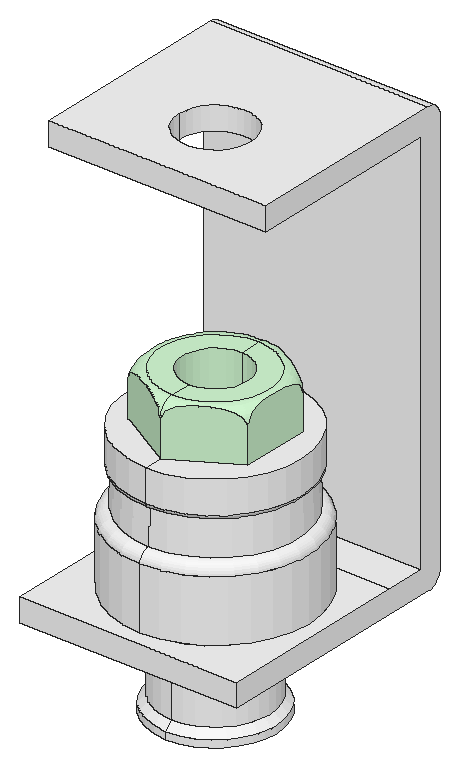
Revit family "hanger_yc-30s", category 機械設備, Revit 2022
Family settings
  丸型コネクタ寸法 = 直径を使用
  種別 = なし
  パーツ タイプ = 標準
  作業面ベース = いいえ
  常に垂直 = はい
  ロード時にボイドで切り取り = いいえ
  注釈の向きを維持 = いいえ
  共有 = いいえ
  部屋計算ポイント = いいえ
Parameters
  製造元 = "株式会社桐井製作所"
  既定の高さ = 0 mm
  URL = "https://www.kirii.co.jp/"
  K_静的バネ係数N/mm = 100
  K_品名 = "圧縮型防振ハンガー(YCシールハンガー)YC-30S"
  K_名称 = "防振ハンガー"
  K_使用荷重(N) = "98～294"
  K_バージョン情報 = "20211012"
Reference planes
  plane 1 "中心(正面/背面)": y = 0
  plane 2: z = 0
  plane 3 "中心(左/右)": x = 0
  plane 4: x = 15
  plane 5: x = -15
Forms (mm)
  Extrusion 1, void
    sketch origin (0, -6, -15) x (1, 0, 0) y (0, 1, 0)
      loop
        circle (0, 5.989) r 5
    from 11.8 to 15
  Extrusion 2, solid
    sketch origin (0, 0, 0) x (0, 1, 0) y (0, 0, 1)
      loop
        line (16.8, -3.2) -> (16.8, -56.8) -> (11.4, -56.8) -> (-15, -56.8) -> (-15, -60) -> (18, -60)
        arc (18, -60) -> (19.414, -59.414) -> (20, -58) r 2
        line (20, -58) -> (20, -2)
        arc (20, -2) -> (19.414, -0.586) -> (18, 0) r 2
        line (18, 0) -> (-10, 0) -> (-10, -3.2) -> (11.4, -3.2) -> (16.8, -3.2)
    from -15 to 15
  Revolve 3, solid
    sketch origin (0, 0, 0) x (0, 1, 0) y (0, 0, 1)
      loop
        line (0, -36.8) -> (0, -56.8) -> (13, -56.8) -> (13, -48.3)
        arc (13, -48.3) -> (12.561, -47.239) -> (11.5, -46.8) r 1.5
        line (11.5, -46.8) -> (11.4, -41.79)
        arc (11.4, -41.79) -> (11.816, -41.687) -> (12, -41.3) r 0.5
        line (12, -41.3) -> (12, -36.8) -> (0, -36.8)
      axis (0, -56.8) -> (0, -36.8)
    angle from 0 to 360
  Revolve 4, solid
    sketch origin (0, 0, 0) x (0, 1, 0) y (0, 0, 1)
      loop
        line (0, -60) -> (0, -72) -> (8.5, -72) -> (8.5, -71) -> (7.5, -70) -> (7.5, -65) -> (9.5, -62) -> (9.5, -60) -> (0, -60)
      axis (0, -72) -> (0, -60)
    angle from 0 to 360
  Extrusion 5, void
    sketch origin (0, 0, 0) x (1, 0, 0) y (0, 1, 0)
      loop
        circle (0, 0) r 4.5
    from -72 to -36.8
Cuts and joins
  Extrusion 1 cuts Extrusion 2
  Extrusion 5 cuts Revolve 3
  Extrusion 5 cuts Revolve 4
  joined: Extrusion 2, Revolve 3, Revolve 4
Dimensions and locks
  aligned and locked: level to plane 2
Nested families
  nested 1: "ナット_面付(圧縮型防振ハンガー)" at (0, 0, -36.8) x (0, 1, 0) z (0, 0, 1), type "ナット_面付(圧縮型防振ハンガー)"
Definition of nested family "ナット_面付(圧縮型防振ハンガー)"
  Parameters (values of type "ナット_面付(圧縮型防振ハンガー)")
    Default Elevation = 1219.2 mm
  Reference planes
    plane 1 "中心(正面/背面)": y = 0
    plane 2: z = 0
    plane 3 "中心(左/右)": x = 0
  Forms (mm)
    Extrusion 1, solid
      sketch origin (0, 0, 0) x (1, 0, 0) y (0, 1, 0)
        loop
          line (-1219.2, 1219.2) -> (-1219.2, -1219.2) -> (1219.2, -1219.2) -> (1219.2, 1219.2) -> (-1219.2, 1219.2)
      from 0 to -304.8
    Revolve 2, solid
      sketch origin (0, 0, 4) x (1, 0, 0) y (0, 0, 1)
        loop
          line (4.5, 3) -> (4.5, -4) -> (9.5, -4) -> (9.5, 0.96)
          arc (9.5, 0.96) -> (8.902, 2.402) -> (7.46, 3) r 2.04
          line (7.46, 3) -> (4.5, 3)
        axis (0, 3) -> (0, -4)
      angle from 0 to 360
    Extrusion 3, void
      sketch origin (0, 0, 0) x (1, 0, 0) y (0, 1, 0)
        loop
          line (9.5, 0) -> (4.75, 8.227) -> (-4.75, 8.227) -> (-9.5, 0) -> (-4.75, -8.227) -> (4.75, -8.227) -> (9.5, 0)
        loop
          line (11.18, 0) -> (5.59, 9.682) -> (-5.59, 9.682) -> (-11.18, 0) -> (-5.59, -9.682) -> (5.59, -9.682) -> (11.18, 0)
      from 0 to 7
  Cuts and joins
    Extrusion 3 cuts Revolve 2
  Dimensions and locks
    aligned and locked: plane 2 to Extrusion 1
    aligned and locked: level to Extrusion 1
